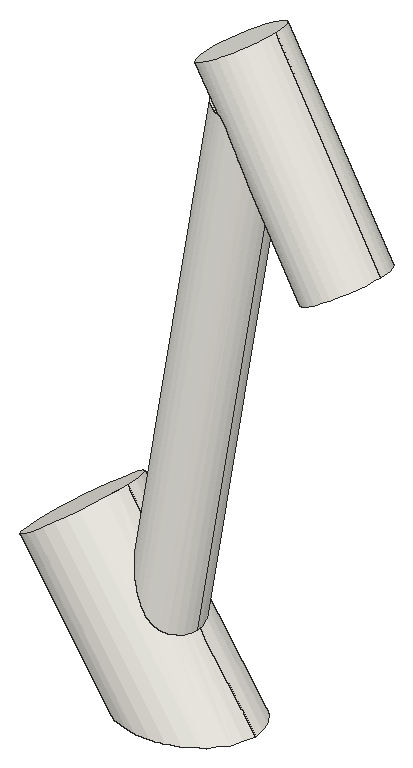
Revit family "Haworth_Giraffa_Light_Table", category Lighting Fixtures, Revit 2018
Family settings
  Round Connector Dimension = Use Diameter
  Part Type = Normal
  OmniClass Number = 23.80.70.11.14
  OmniClass Title = General Luminaries, Directional
  Work Plane-Based = No
  Always vertical = Yes
  Cut with Voids When Loaded = No
  Light Source = Yes
  Shared = No
  Room Calculation Point = No
Parameters (values of type "HCPL-GFT1-13")
  Wattage Comments = ""
  Wattage = 4.6 W
  Warranty = "https://www.haworth.com/resources/product-info/warranties"
  built-in parameter 1150110 = 1 (stored number, unit not read)
  URL - Product = "https://www.haworth.com/products/lighting/table/giraffa"
  URL = "https://www.haworth.com/our-brands/haworth-collection"
  built-in parameter 1114217 = 1 (stored number, unit not read)
  Tilt Angle = 120.00°
  built-in parameter 1150109 = 1 (stored number, unit not read)
  built-in parameter 1150134 = (empty or 0)
  built-in parameter 1150113 = 1 (stored number, unit not read)
  built-in parameter 1010507 = 1.5708 (stored number, unit not read)
  built-in parameter 1010506 = 0.5236 (stored number, unit not read)
  Size = "Verify Final Dim. w/Haworth"  # constant formula
  Revision Number = "1"  # constant formula
  Model = "HCPL-GFT1-13"
  Manufacturer = "Haworth"  # constant formula
  built-in parameter 1150105 = 861.3 (stored number, unit not read)
  Lumens = 257.6 lm
  built-in parameter 1150115 = 1 (stored number, unit not read)
  Light Source Symbol Length = 12"
  built-in parameter 1150137 = (empty or 0)
  built-in parameter 1150139 = (empty or 0)
  built-in parameter 1150112 = 1 (stored number, unit not read)
  built-in parameter 1150114 = 1 (stored number, unit not read)
  Lamp Finish [instance] = Haworth _ Paint _ Collection White
  built-in parameter 1150132 = (empty or 0)
  built-in parameter 1150102 = (empty or 0)
  built-in parameter 1150107 = 3000 (stored number, unit not read)
  built-in parameter 1150138 = (empty or 0)
  built-in parameter 1150106 = 215.33 (stored number, unit not read)
  Glass Finish = Haworth _ Glass _ Clear
  Emit from Circle Diameter = 24"
  Emit Shape Visible in Rendering = no
  built-in parameter 1150104 = 5.2026 (stored number, unit not read)
  Dimming Lamp Color Temperature Shift = Incandescent Lamp Curve
  Description = "Haworth Giraffa Light  Table Lamp"
  Color Filter = 16777215
  built-in parameter 1114218 = 1 (stored number, unit not read)
  Author = "Haworth (Abd Rahman)"  # constant formula
  built-in parameter 1150133 = 2 (stored number, unit not read)
  Assembly Code = "D5020200"
  Actual Width = 7"  # constant formula
  Actual Height = 13"  # constant formula
  Actual Depth = 2 1/4"  # constant formula
Reference planes (in)
  plane 1 "Center F/B": y = 8.82887
  plane 2 "Base": z = 0
  plane 3 "Center L/R": x = -16.34139
  plane 4: z = 13
  plane 5: x = -19.84139
  plane 6: x = -12.84139
  plane 7 "Top": through (-16.13408, -180, 12.3227) normal (-0.5, 0, 0.866)
  plane 8: through (-13.7774, -180, 8.77576) normal (-0.5, 0, 0.866)
  plane 9 "Bottom Top": through (-19.75431, -180, 2.50745) normal (-0.5736, 0, 0.8192)
  plane 10: z = 0.07823
  plane 11 "Middle": through (-17.90283, -180, 1.58097) normal (0.1736, 0, 0.9848)
  plane 12: y = 7.75737
  plane 13: y = 10.00737
Forms (in)
  Blend 1, solid, material "Haworth _ Paint _ Collection White" <- "Lamp Finish"
    base sketch origin (-9.3694, 0, 16.22828) x (-0.866025, 0, -0.5) y (0, -1, 0)
      loop
        circle (7.27446, -8.86012) r 0.7996
    top sketch origin (-9.3694, 0, 16.22828) x (-0.866025, 0, -0.5) y (0, -1, 0)
      loop
        circle (7.27446, -8.86012) r 0.7996
    from -4.25008 to 0
  Blend 2, solid, material "Haworth _ Paint _ Collection White" <- "Lamp Finish"
    base sketch origin (-7.67709, 0.02344, 10.96401) x (-0.819152, 0, -0.573576) y (0, -1, 0)
      loop
        circle (13.70491, -8.86012) r 1.12717
    top sketch origin (-7.67709, 0.02344, 10.96401) x (-0.819152, 0, -0.573576) y (0, -1, 0)
      loop
        circle (13.70293, -8.86012) r 1.10274
    from -4.52583 to 0
  Blend 3, solid, material "Haworth _ Paint _ Collection White" <- "Lamp Finish"
    base sketch origin (0.40758, 0, -1.64765) x (-0.984808, 0, 0.173648) y (0, -1, 0)
      loop
        circle (17.89514, -8.82887) r 0.65
    top sketch origin (0.40758, 0, -1.64765) x (-0.984808, 0, 0.173648) y (0, -1, 0)
      loop
        circle (17.91563, -8.82887) r 0.65
    from 0 to 10.2352
  Extrusion 4, void
    sketch origin (0, 8.82887, 0) x (1, 0, 0) y (0, 0, 1)
      loop
        line (-18.38915, 0.07874) -> (-18.38915, -1.43639) -> (-14.82477, -1.43639) -> (-14.82477, 0.07874) -> (-18.38915, 0.07874)
    from -2.27831 to 1.62812
  Extrusion 5, solid, material "Haworth _ Paint _ Collection White" <- "Lamp Finish", not visible
    sketch origin (-0.375, 0.01562, 0) x (1, 0, 0) y (0, 1, 0)
      loop
        arc (-17.60696, 8.84462) -> (-16.40979, 7.8709) -> (-15.21263, 8.84462) r 1.2228
        arc (-15.21263, 8.84462) -> (-16.40979, 9.81834) -> (-17.60696, 8.84462) r 1.2228
    from 0 to 0.07823
  Blend 6, void
    base sketch origin (-9.3694, 0, 16.22828) x (-0.866025, 0, -0.5) y (0, -1, 0)
      loop
        circle (7.26298, -8.84449) r 0.75
    top sketch origin (-9.3694, 0, 16.22828) x (-0.866025, 0, -0.5) y (0, -1, 0)
      loop
        circle (7.26298, -8.84449) r 0.75
    from -4.25008 to -0.06795
  Blend 7, solid, material "Haworth _ Glass _ Clear" <- "Glass Finish"
    base sketch origin (-9.3694, 0, 16.22828) x (-0.866025, 0, -0.5) y (0, -1, 0)
      loop
        circle (7.27446, -8.86012) r 0.75
    top sketch origin (-9.3694, 0, 16.22828) x (-0.866025, 0, -0.5) y (0, -1, 0)
      loop
        circle (7.27446, -8.86012) r 0.75
    from -4.25008 to -4.04026
Cuts and joins
  Extrusion 4, Blend 6 cuts Blend 1
  Extrusion 4, Blend 6 cuts Blend 2
  Extrusion 4, Blend 6 cuts Blend 3
  joined: Blend 1, Blend 2, Blend 3
Lines and regions (in)
  Masking region 1
    outline origin (0, 0, 0) x (1, 0, 0) y (0, 1, 0)
      loop
        line (-18.90187, 7.75737) -> (-16.65187, 7.75737)
        arc (-16.65187, 7.75737) -> (-16.20035, 7.83981) -> (-15.80709, 8.07649) r 1.27774
        arc (-15.80709, 8.07649) -> (-15.73864, 8.06453) -> (-15.66927, 8.06052) r 0.60265
        line (-15.66927, 8.06052) -> (-13.41927, 8.06052)
        arc (-13.41927, 8.06052) -> (-12.82429, 8.86012) -> (-13.41927, 9.65971) r 0.83478
        line (-13.41927, 9.65971) -> (-15.65481, 9.65971)
        arc (-15.65481, 9.65971) -> (-15.70181, 9.65981) -> (-15.74859, 9.65531) r 0.4795
        arc (-15.74859, 9.65531) -> (-16.16714, 9.91625) -> (-16.65187, 10.00737) r 1.33479
        line (-16.65187, 10.00737) -> (-18.94734, 10.00737)
        arc (-18.94734, 10.00737) -> (-19.62428, 9.59117) -> (-19.8487, 8.82887) r 1.10841
        spline (-19.8487, 8.82887) -> (-19.83537, 8.68704) -> (-19.80703, 8.54836) -> (-19.76412, 8.41505) -> (-19.70733, 8.28926) -> (-19.63759, 8.17301) -> (-19.556, 8.06818) -> (-19.46389, 7.97645) -> (-19.36274, 7.8993) -> (-19.25417, 7.83796) -> (-19.13994, 7.79343) -> (-19.02187, 7.76642) -> (-18.90187, 7.75737)
  symbolic lines, style "Haworth", detail levels medium+fine
    curve 1: spline (-14.2367, 8.86012, 0) -> (-14.21311, 9.06707, 0) -> (-14.14393, 9.25991, 0) -> (-14.03388, 9.42552, 0) -> (-13.89047, 9.55259, 0) -> (-13.72346, 9.63247, 0) -> (-13.54423, 9.65971, 0) -> (-13.36501, 9.63247, 0) -> (-13.198, 9.55259, 0) -> (-13.05458, 9.42552, 0) -> (-12.94453, 9.25991, 0) -> (-12.87536, 9.06707, 0) -> (-12.85176, 8.86012, 0)
    curve 2: spline (-12.85176, 8.86012, 0) -> (-12.87536, 8.65317, 0) -> (-12.94453, 8.46032, 0) -> (-13.05458, 8.29472, 0) -> (-13.198, 8.16765, 0) -> (-13.36501, 8.08777, 0) -> (-13.54423, 8.06052, 0) -> (-13.72346, 8.08777, 0) -> (-13.89047, 8.16765, 0) -> (-14.03388, 8.29472, 0) -> (-14.14393, 8.46032, 0) -> (-14.21311, 8.65317, 0) -> (-14.2367, 8.86012, 0)
    curve 3: spline (-16.36174, 8.86012, 0) -> (-16.33814, 8.65317, 0) -> (-16.26897, 8.46032, 0) -> (-16.15892, 8.29472, 0) -> (-16.0155, 8.16765, 0) -> (-15.84849, 8.08777, 0) -> (-15.66927, 8.06052, 0) -> (-15.49004, 8.08777, 0) -> (-15.32303, 8.16765, 0) -> (-15.17962, 8.29472, 0) -> (-15.06957, 8.46032, 0) -> (-15.00039, 8.65317, 0) -> (-14.9768, 8.86012, 0)
    curve 4: spline (-14.9768, 8.86012, 0) -> (-15.00039, 9.07859, 0) -> (-15.06957, 9.28217, 0) -> (-15.17962, 9.45699, 0) -> (-15.32303, 9.59114, 0) -> (-15.49004, 9.67546, 0) -> (-15.66927, 9.70422, 0) -> (-15.84849, 9.67546, 0) -> (-16.0155, 9.59114, 0) -> (-16.15892, 9.45699, 0) -> (-16.26897, 9.28217, 0) -> (-16.33814, 9.07859, 0) -> (-16.36174, 8.86012, 0)
    curve 5: spline (-14.9768, 8.86012, 0) -> (-15.00039, 9.07859, 0) -> (-15.06957, 9.28217, 0) -> (-15.17962, 9.45699, 0) -> (-15.32303, 9.59114, 0) -> (-15.49004, 9.67546, 0) -> (-15.66927, 9.70422, 0) -> (-15.84849, 9.67546, 0) -> (-16.0155, 9.59114, 0) -> (-16.15892, 9.45699, 0) -> (-16.26897, 9.28217, 0) -> (-16.33814, 9.07859, 0) -> (-16.36174, 8.86012, 0)
    curve 6: spline (-16.36174, 8.86012, 0) -> (-16.33814, 8.65317, 0) -> (-16.26897, 8.46032, 0) -> (-16.15892, 8.29472, 0) -> (-16.0155, 8.16765, 0) -> (-15.84849, 8.08777, 0) -> (-15.66927, 8.06052, 0) -> (-15.49004, 8.08777, 0) -> (-15.32303, 8.16765, 0) -> (-15.17962, 8.29472, 0) -> (-15.06957, 8.46032, 0) -> (-15.00039, 8.65317, 0) -> (-14.9768, 8.86012, 0)
    curve 7: arc (-13.6487, 8.06052, 0) -> (-14.2425, 8.86012, 0) -> (-13.6487, 9.65971, 0) r 0.83526
    curve 8: spline (-17.98293, 8.88355, 0) -> (-18.01371, 9.16897, 0) -> (-18.10395, 9.43493, 0) -> (-18.24751, 9.66331, 0) -> (-18.43459, 9.83856, 0) -> (-18.65245, 9.94872, 0) -> (-18.88625, 9.9863, 0) -> (-19.12004, 9.94872, 0) -> (-19.3379, 9.83856, 0) -> (-19.52499, 9.66331, 0) -> (-19.66854, 9.43493, 0) -> (-19.75878, 9.16897, 0) -> (-19.78956, 8.88355, 0)
    curve 9: spline (-19.78956, 8.88355, 0) -> (-19.75878, 8.59814, 0) -> (-19.66854, 8.33218, 0) -> (-19.52499, 8.1038, 0) -> (-19.3379, 7.92855, 0) -> (-19.12004, 7.81838, 0) -> (-18.88625, 7.78081, 0) -> (-18.65245, 7.81838, 0) -> (-18.43459, 7.92855, 0) -> (-18.24751, 8.1038, 0) -> (-18.10395, 8.33218, 0) -> (-18.01371, 8.59814, 0) -> (-17.98293, 8.88355, 0)
Dimensions and locks (in)
  plane 4 to level = 13"
  "Actual Width": plane 5 to plane 6
  "Actual Depth": plane 13 to plane 12
  "Actual Height": plane 4 to plane 2 "Base"
  aligned and locked: Blend 1 to plane 8
  aligned and locked: plane 7 "Top" to Blend 1
  aligned and locked: plane 9 "Bottom Top" to Blend 2
  aligned and locked: Extrusion 5 to level
  aligned and locked: plane 10 to Extrusion 5
  aligned and locked: Blend 6 to plane 8
  aligned and locked: cut or joined group of Blend 1, Blend 2, Blend 3, Extrusion 4, Blend 6 to plane 8
  aligned and locked: plane 7 "Top" to cut or joined group of Blend 1, Blend 2, Blend 3, Extrusion 4, Blend 6
Automatic sketch dimensions
  curve 7 to plane 1 "Center F/B" = 1/32"
  curve 7 to plane 6 = 0.56585"
  curve 1 to plane 1 "Center F/B" = 1/32"
  curve 1 to curve 7 = 0.13699"
  curve 7 to curve 1 = 0.10446"
  curve 7 to curve 2 = 0.10446"
  curve 2 to curve 1 = 0.69247"
  curve 5 to plane 1 "Center F/B" = 1/32"
  curve 5 to curve 1 = 0.7401"
  plane 12 to curve 3 = 0.30315"
  plane 3 "Center L/R" to curve 3 = 0.67212"
  curve 9 to plane 1 "Center F/B" = 7/128"
  curve 9 to curve 3 = 1.62119"
  curve 8 to curve 8 = 0.90332"
  plane 12 to curve 2 = 0.30315"
  curve 6 to curve 3 = 0"
  curve 7 to curve 2 = 0"
  plane 12 to curve 8 = 3/128"
  curve 9 to curve 8 = 0"
  curve 7 to curve 1 = 0"
  curve 5 to plane 13 = 0.30315"
  curve 4 to curve 5 = 0"
  Blend 1 sketch curve to plane 1 "Center F/B" = 1/32"  (x2)
  Blend 2 sketch curve to plane 1 "Center F/B" = 7/128"  (x2)
  plane 1 "Center F/B" to Blend 3 sketch curve = 0"  (x2)
  plane 5 to Extrusion 4 sketch curve = 1.45224"
  plane 3 "Center L/R" to Extrusion 4 sketch curve = 1.51662"
  Extrusion 4 sketch curve to level = 1.43639"
  plane 10 to Extrusion 4 sketch curve = 0.00051"
  plane 1 "Center F/B" to Extrusion 5 sketch curve = 0.2177"
  Extrusion 5 sketch curve to plane 3 "Center L/R" = 0.4434"  (x2)
  Extrusion 5 sketch curve to plane 1 "Center F/B" = 0.28046"
  Extrusion 5 sketch curve to plane 1 "Center F/B" = 0.03138"
  Extrusion 5 sketch curve to Extrusion 5 sketch curve = 1.19716"
  Blend 6 sketch curve to plane 1 "Center F/B" = 1/64"  (x2)
  plane 1 "Center F/B" to Masking region 1 sketch curve = 0"
  Masking region 1 sketch curve to plane 13 = 0"  (x2)
  Masking region 1 sketch curve to plane 12 = 0"
  plane 5 to Masking region 1 sketch curve = 0.89405"
  plane 5 to Masking region 1 sketch curve = 0.93952"
  Masking region 1 sketch curve to Masking region 1 sketch curve = 0.15801"
  Masking region 1 sketch curve to plane 3 "Center L/R" = 0.31048"  (x2)
  plane 3 "Center L/R" to Masking region 1 sketch curve = 0.66208"
  plane 3 "Center L/R" to Masking region 1 sketch curve = 0.67212"
  Masking region 1 sketch curve to Masking region 1 sketch curve = 0.0245"
  Masking region 1 sketch curve to plane 1 "Center F/B" = 1/32"
  Masking region 1 sketch curve to plane 6 = 0.81768"
  Masking region 1 sketch curve to plane 6 = 0.57788"  (x2)
  plane 12 to Masking region 1 sketch curve = 0.30315"
  plane 1 "Center F/B" to Masking region 1 sketch curve = 0.16569"
  plane 1 "Center F/B" to Masking region 1 sketch curve = 0.15628"
  Masking region 1 sketch curve to plane 1 "Center F/B" = 0.08893"
  Masking region 1 sketch curve to plane 1 "Center F/B" = 0.20624"
  Masking region 1 sketch curve to plane 1 "Center F/B" = 0.35197"
  Blend 7 sketch curve to plane 1 "Center F/B" = 1/32"  (x2)
  radius of Blend 1 sketch curve = 0.7996"  (x2)
  radius of Blend 2 sketch curve = 1.12717"
  radius of Blend 2 sketch curve = 1.10274"
  radius of Blend 3 sketch curve = 0.65"  (x2)
  radius of Blend 6 sketch curve = 3/4"  (x2)
  radius of Blend 7 sketch curve = 3/4"  (x2)
